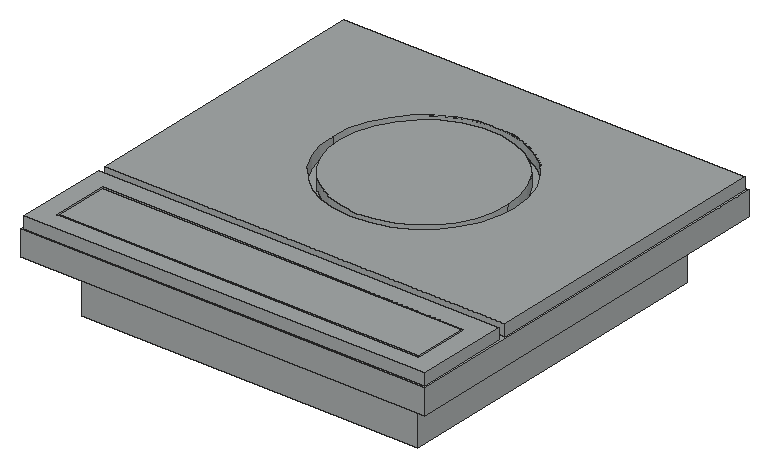
Revit family "Gira_5568902", category Electrical Fixtures, host Face, Revit 2017
Family settings
  Host = Face
  Maintain Annotation Orientation = Yes
  Round Connector Dimension = Use Diameter
  Part Type = Normal
  Cut with Voids When Loaded = No
  Shared = No
  Room Calculation Point = No
Parameters (values of type "Blindmodul System 106 Verkehrsweiß(lack.)")
  URL = "http://katalog.gira.de/de_DE/datenblatt.html?artikelnr=5568902"
  Region = "DE"
  Name = "Blindmodul System 106 Verkehrsweiß(lack.)"
  Model = "Sys106_Abdeckung_Schalten und Tasten"
  Manufacturer URL = "https://www.gira.de/"
  Installationstechnik = "Bus-System"
  Höhe = "0,1065 m"
  HeinzeBIM = "https://bimportal.heinze.de/bim/blindmodul-system-106-verkehrsweiss-lack-/3ee3f27f2eaedbee2fcf34bda6d740866132adb6"
  HAN = "5568902"
  GTIN = "4010337022848"
  Farbe = "weiß"
  Edelstahl [instance] = Edelstahl
  Default Elevation = 1219.2 mm
  Data sheet (1) = "https://katalog.gira.de/de_DE/download.html?artikelnr=5568902"
  Category = "Funktionsmodul für Türkommunikation"
  Breite = "0,1065 m"
  Available = "Yes"
  Anzahl der Klingeltasten = "0 "
Reference planes
  plane 1 "Center (Front/Back)": y = 0
  plane 2 "Reference Level 0": z = 0
  plane 3 "Center (Left/Right)": x = 0
  plane 4 "Reference Level 1": z = 9.5
Forms (mm)
  Extrusion 1, solid, material "Edelstahl" <- "Edelstahl", detail levels coarse
    sketch origin (0, 0, 0) x (1, 0, 0) y (0, 1, 0)
      loop
        line (-53, 53) -> (-53, -53) -> (53, -53) -> (53, 53) -> (-53, 53)
    from -14.7 to 9.5
  Extrusion 2, solid, material "Edelstahl" <- "Edelstahl", detail levels fine
    sketch origin (0, 0, 0) x (1, 0, 0) y (0, 1, 0)
      loop
        line (52.5, -28) -> (-52.5, -28) -> (-52.5, -52.5) -> (52.5, -52.5) -> (52.5, -28)
      loop
        line (-47.5, -48) -> (47.5, -48) -> (47.5, -33) -> (-47.5, -33) -> (-47.5, -48)
    from 6.5 to 9.5
  Extrusion 3, solid, material "Edelstahl" <- "Edelstahl", detail levels fine
    sketch origin (0, 0, 0) x (1, 0, 0) y (0, 1, 0)
      loop
        line (-52.5, 52.5) -> (-52.5, -26) -> (52.5, -26) -> (52.5, 52.5) -> (-52.5, 52.5)
      loop
        circle (0, 13) r 24
    from 6.5 to 9.5
  Extrusion 4, solid, material "Edelstahl" <- "Edelstahl", detail levels medium+fine
    sketch origin (0, 0, 0) x (1, 0, 0) y (0, 1, 0)
      loop
        line (-53, 53) -> (-53, -53) -> (53, -53) -> (53, 53) -> (-53, 53)
    from 0 to 6.5
  Extrusion 5, solid, material "Edelstahl" <- "Edelstahl", detail levels fine
    sketch origin (0, 0, 0) x (1, 0, 0) y (0, 1, 0)
      loop
        line (-44, 44) -> (-44, -44) -> (44, -44) -> (44, 44) -> (-44, 44)
    from -14.7 to 0
  Extrusion 6, solid, material "Edelstahl" <- "Edelstahl", detail levels fine
    sketch origin (0, 0, 0) x (1, 0, 0) y (0, 1, 0)
      loop
        circle (0, 13) r 22
    from 6.5 to 9.5
  Extrusion 7, solid, material "Edelstahl" <- "Edelstahl", detail levels fine
    sketch origin (0, 0, 0) x (1, 0, 0) y (0, 1, 0)
      loop
        line (-47, -33.5) -> (-47, -47.5) -> (47, -47.5) -> (47, -33.5) -> (-47, -33.5)
    from 6.5 to 9.5
  Extrusion 8, solid, material "Edelstahl" <- "Edelstahl", detail levels medium
    sketch origin (0, 0, 0) x (1, 0, 0) y (0, 1, 0)
      loop
        line (-52.5, 52.5) -> (-52.5, -26) -> (52.5, -26) -> (52.5, 52.5) -> (-52.5, 52.5)
      loop
        line (-52.5, -28) -> (-52.5, -52.5) -> (52.5, -52.5) -> (52.5, -28) -> (-52.5, -28)
    from 6.5 to 9.5
  Extrusion 9, solid, material "Edelstahl" <- "Edelstahl", detail levels medium
    sketch origin (0, 0, 0) x (1, 0, 0) y (0, 1, 0)
      loop
        circle (0, 13) r 24
      loop
        line (-47.5, -33) -> (-47.5, -48) -> (47.5, -48) -> (47.5, -33) -> (-47.5, -33)
    from 6.5 to 9.5
Dimensions and locks
  aligned and locked: plane 2 "Reference Level 0" to host face
  aligned and locked: level to host face
  aligned and locked: Extrusion 4 to host face
  aligned and locked: Extrusion 4 to level
  aligned and locked: level to Extrusion 5
  aligned and locked: level to Extrusion 4
  aligned and locked: Extrusion 4 to plane 2 "Reference Level 0"
  aligned and locked: plane 2 "Reference Level 0" to Extrusion 5
  aligned and locked: plane 3 "Center (Left/Right)" to nested 1
  aligned and locked: plane 1 "Center (Front/Back)" to nested 1
Nested families
  nested 1: "Schalter" at (0, 0, 0), type "Schalter"
Connectors
  electrical at (0, 0, -14.7)
    settings: on Extrusion 5, index 1, voltage 220 V, apparent load 0 VA, apparent load phase1 0 VA, apparent load phase2 0 VA, apparent load phase3 0 VA, power factor 1, load classification "Other", number of poles 1, system type 30, power factor state 1, is connector primary yes, connector utility no, sub classification motor no, connector description ""
Definition of nested family "Schalter"
  Reference planes
    plane 1: y = 0
    plane 2: x = 0
  Lines and regions (mm)
    detail lines
      curve 1: circle (1.375, 2.778, 0) r 0.8 normal (0, 0, 1)
      curve 2: line (1.021, 2.061, 0) -> (0, 0, 0)
      curve 3: line (0, 0, 0) -> (-0.538, 0.266, 0)
  Dimensions and locks
    curve 2 to curve 2 = 2.3 mm
    curve 3 to curve 2 = 0.6 mm
    radius of curve 1 = 0.8 mm
